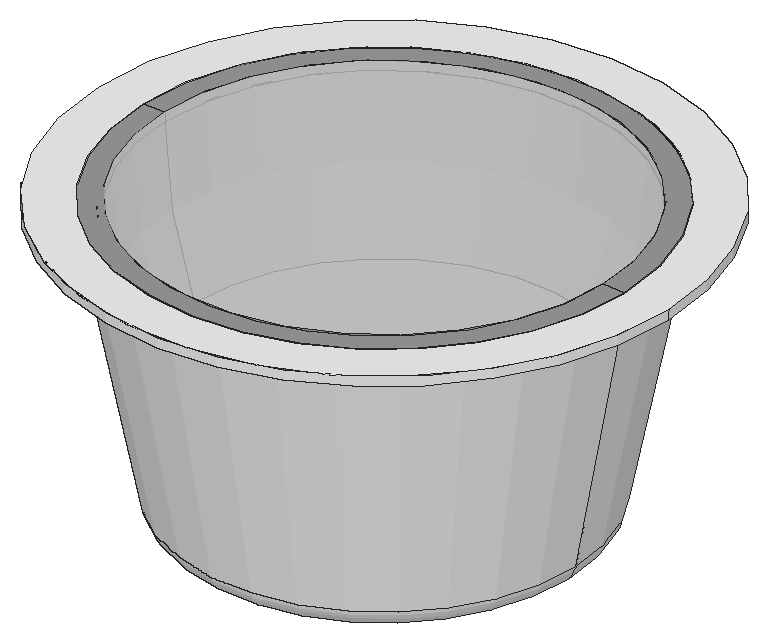
Revit family "2060571 Sylvania Lighting Fixture ASCENT 100 II ARCH 3600 3K STD EMG 160", category Lighting Fixtures, host Face, Revit 2016
Family settings
  Host = Face
  Part Type = Normal
  Round Connector Dimension = Use Diameter
  OmniClass Number = 23.80.70.11.17
  OmniClass Title = Specialized Lighting by Location or Use
  Cut with Voids When Loaded = No
  Light Source = Yes
  Shared = No
  Room Calculation Point = No
Parameters (values of type "2060571 ASCT100 II ARCH 3600 3K STD EMG 160 Emergency mode")
  WidthBezelAcc_SYL = 25.0 mm
  Weight = "1.92 kg"
  Wattage = 1.61261 W
  WarrantyStartDate [instance] = "n/a"
  WarrantyGuarantorParts = "n/a"
  WarrantyDurationUnit = "n/a"
  WarrantyDurationParts = "n/a"
  WarrantyDescription = "n/a"
  built-in parameter 1150110 = 1 (stored number, unit not read)
  Voltage = 0 V
  VisibilityAccessory_SYL = no
  TypeName = "ASCT100 II ARCH 3600 3K STD EMG 160 Emergency mode"
  built-in parameter 1114217 = 1 (stored number, unit not read)
  Tilt Angle = -90°
  built-in parameter 1150109 = 1 (stored number, unit not read)
  built-in parameter 1150134 = (empty or 0)
  built-in parameter 1150113 = 1 (stored number, unit not read)
  SerialNumber [instance] = "n/a"
  ReflectorRadius_SYL = Radius_SYL - 14.5 mm  # 80.0 mm
  RadiusAcc_SYL = 105.0 mm
  Radius_SYL = 94.5 mm
  URL = "http://www.sylvania-lighting.com"
  PowerFactor = 0
  PowerConsumption = "32 W"
  Photometric Web File = "2060571EM.ies"
  NominalWidth = 0.0 mm
  NominalLength = 0.0 mm
  NominalHeight = 94.0 mm
  Name = "ASCT100 II ARCH 3600 3K STD EMG 160 Emergency mode"
  ModelReference = "ASCT100 II ARCH 3600 3K STD EMG 160 Emergency mode"
  ModelNumber = "2060571"
  Material_4_SYL = none
  Material_3_SYL = Polycarbonate_Sylvania_Ascent_Opal
  Material_2_SYL = Aluminium_Sylvania_Ascent_Silver
  Material_1_SYL = Aluminum_Sylvania_Ascent_White
  Material = "aluminium housing, arcylic diffuser"
  ManufacturerName = "Feilo Sylvania"
  LuminousEfficacy = "111 lm/W"
  built-in parameter 1150105 = 14.244 (stored number, unit not read)
  Lumens = 179 lm
  LuminaireType = ""
  built-in parameter 1150115 = 1 (stored number, unit not read)
  LightOutputRatio = "100"
  built-in parameter 1150137 = (empty or 0)
  built-in parameter 1150139 = (empty or 0)
  LampsType = Lamp  # "LED"
  LampNominalLuminous = "3548 lm"
  LampMacAdamStep = "3"
  LampColourTemperature = "3000 K"
  LampColourRenderingIndex = "80"
  built-in parameter 1150112 = 1 (stored number, unit not read)
  built-in parameter 1150114 = 1 (stored number, unit not read)
  Keynote = "16500"
  InstallationDate [instance] = "n/a"
  InputVoltage = "n/a"
  InputNominalFrequency = "n/a"
  built-in parameter 1150132 = (empty or 0)
  built-in parameter 1150102 = (empty or 0)
  built-in parameter 1150107 = 3000 (stored number, unit not read)
  built-in parameter 1150138 = (empty or 0)
  IngressProtection = "IP40"
  ImpactProtectionIndex = "IK02"
  built-in parameter 1150106 = 0.14244 (stored number, unit not read)
  IfcExportType = "IfcLightFixtureType"
  IfcExportAs = "IfcLightFixtureType"
  Height_SYL = 94.0 mm
  HeightAcc_SYL = 7.0 mm
  ExpectedLife = 50000
  EmittionSurface_SYL = if(VisibilityAccessory_SYL, 7.0 mm, 3.0 mm)  # 3.0 mm
  Emit from Circle Diameter = DiffuserRadius_SYL * 2  # 146.0 mm
  Emit Shape Visible in Rendering = no
  ElectricShockClassification = "Class II"
  built-in parameter 1150104 = 10.312 (stored number, unit not read)
  DurationUnit = "hours"
  DocumentationLiterature = "http://www.sylvania-lighting.com/product/en-int/products/2060571"
  DimmingControlOptions = "n/a"
  Dimming Lamp Color Temperature Shift = <None>
  DiffuserRadius_SYL = ReflectorRadius_SYL - 7.0 mm  # 73.0 mm
  Diameter_SYL = 2 * Radius_SYL  # 189.0 mm
  CutoutDiameter_SYL = Diameter_SYL - 13.0 mm  # 176.0 mm
  CreatedOn = "9/17/2018"
  CreatedBy = "@sylvania-lighting.com"
  Color Filter = 16777215
  built-in parameter 1114216 [instance] = 1 (stored number, unit not read)
  Model = "ASCT100 II ARCH 3600 3K STD EMG 160 Emergency mode"
  Manufacturer = "Feilo Sylvania"
  Lamp = "LED"
  Description = "Direct LED retro fit for original LED 100 Arch (160) single CFL lamp offering Matching lumen levels and improved light distribution of original LED 100 CFL lamp equivalents Typically half the power consumption compared to CFL Up to 112lm/W 160mm aperture Architectural reflector accepts range of glass accessories from existing LED 100 Arch 160 offering HE, HO and VHO versions equivalent of single 1 x 18W, 1 x 32W, 1 x 42W\r\n Additional VVHO versions which offer the performance circa 2 x 32W equivalent"  # constant formula
  Default Elevation = 0.0 mm
  built-in parameter 1140040 [instance] = 1
  BarCode [instance] = "n/a"
  built-in parameter 1114218 = 1 (stored number, unit not read)
  built-in parameter 1150133 = 10 (stored number, unit not read)
  AssetType = "Fixed"
  AssetIdentifier [instance] = "n/a"
  Assembly Code = "D5020200"
  Apparent Load = 1.61261 VA
  Aperture_SYL = 2 * ReflectorRadius_SYL  # 160.0 mm
Types (2, lengths in mm): name | Wattage | TypeName | Photometric Web File | Name | ModelReference | built-in parameter 1150105 | Lumens | built-in parameter 1150106 | Model | Apparent Load
  2060571 ASCT100 II ARCH 3600 3K STD EMG 160 Emergency mode | 1.61261 W | "ASCT100 II ARCH 3600 3K STD EMG 160 Emergency mode" | "2060571EM.ies" | "ASCT100 II ARCH 3600 3K STD EMG 160 Emergency mode" | "ASCT100 II ARCH 3600 3K STD EMG 160 Emergency mode" | 14.244 (stored number, unit not read) | 179 lm | 0.14244 (stored number, unit not read) | "ASCT100 II ARCH 3600 3K STD EMG 160 Emergency mode" | 1.61261 VA
  2060571 ASCT100 II ARCH 3600 3K STD EMG 160 | 32 W | "ASCENT 100 II ARCH 3600 3K STD EMG 160" | "2060571.ies" | "ASCENT 100 II ARCH 3600 3K STD EMG 160" | "ASCENT 100 II ARCH 3600 3K STD EMG 160" | 282.66 (stored number, unit not read) | 3552 lm | 2.8266 (stored number, unit not read) | "ASCENT 100 II ARCH 3600 3K STD EMG 160" | 32 VA
Reference planes
  plane 1 "Center (Front/Back)": y = 0
  plane 2: z = 0
  plane 3 "Center (Left/Right)": x = 0
  plane 4 "Fixture Bottom": z = 3
  plane 5: z = -52.5
  plane 6 "Fixture Top": z = -91
  plane 7: x = -105
  plane 8: z = 7
  plane 9: x = -80
  plane 10: z = 5
  plane 11: x = -103
Forms (mm)
  Extrusion 1, solid, material "Aluminum_Sylvania_Ascent_White", detail levels fine
    sketch origin (0, 0, 0) x (1, 0, 0) y (0, 1, 0)
      loop
        circle (0, 0) r 94.5
      loop
        circle (0, 0) r 80
    from 0 to 3
  Extrusion 2, void
    sketch origin (0, 0, 0) x (1, 0, 0) y (0, 1, 0)
      loop
        circle (0, 0) r 88
    from -91 to 3
  Revolve 3, solid, material "Aluminum_Sylvania_Ascent_White" <- "Material_1_SYL", detail levels fine
    sketch origin (0, 0, 0) x (1, 0, 0) y (0, 0, 1)
      loop
        line (0, -91.073) -> (0, -89.023) -> (-55.468, -89.014)
        arc (-55.468, -89.014) -> (-59.352, -87.613) -> (-61.54, -84.139) r 6.307
        line (-61.54, -84.139) -> (-77.991, -2.844) -> (-77.991, 0) -> (-80, 0) -> (-80, -3) -> (-63.5, -84.536)
        arc (-63.5, -84.536) -> (-60.643, -89.203) -> (-55.5, -91.073) r 8.291
        line (-55.5, -91.073) -> (0, -91.073)
      axis (0, 0) -> (0, -91.073)
    angle from 0 to 360
  Revolve 4, solid, material "Aluminium_Sylvania_Ascent_Silver" <- "Material_2_SYL", detail levels fine
    sketch origin (0, 0, 0) x (1, 0, 0) y (0, 0, 1)
      loop
        line (-80, 3) -> (-80, 0) -> (-75, 0)
        arc (-75, 0) -> (-72.349, -26.77) -> (-64.5, -52.5) r 136.5
        line (-64.5, -52.5) -> (-58, -52.5)
        arc (-58, -52.5) -> (-56.857, -61.521) -> (-53.5, -69.971) r 36.166
        line (-53.5, -69.971) -> (0, -69.971) -> (0, -50.5) -> (-63.16, -50.5)
        arc (-63.16, -50.5) -> (-70.517, -25.725) -> (-73, 0) r 134.5
        line (-73, 0) -> (-73, 3) -> (-80, 3)
      axis (0, 3) -> (0, -69.971)
    angle from 0 to 360
  Extrusion 5, solid, material "Polycarbonate_Sylvania_Ascent_Opal" <- "Material_3_SYL", detail levels fine
    sketch origin (0, 0, 0) x (1, 0, 0) y (0, 1, 0)
      loop
        circle (0, 0) r 73
    from 0 to 3
  Revolve 6, solid, material "Aluminum_Sylvania_Ascent_White" <- "Material_1_SYL", detail levels coarse+medium
    sketch origin (0, 0, 0) x (1, 0, 0) y (0, 0, 1)
      loop
        line (0, -91.073) -> (0, 3) -> (-94.5, 3) -> (-94.5, 0) -> (-79.5, 0) -> (-79.5, -3) -> (-63, -84.536)
        arc (-63, -84.536) -> (-60.143, -89.203) -> (-55, -91.073) r 8.291
        line (-55, -91.073) -> (0, -91.073)
      axis (0, 3) -> (0, -91.073)
    angle from 0 to 360
  Revolve 7, solid, material "Aluminum_Sylvania_Ascent_White" <- "Material_1_SYL", visible <- "VisibilityAccessory_SYL"
    sketch origin (0, 0, 0) x (1, 0, 0) y (0, 0, 1)
      loop
        line (-105, 0) -> (-103, 0) -> (-103, 5) -> (-80, 5) -> (-80, 7) -> (-105, 7) -> (-105, 0)
      axis (0, 7) -> (0, 0)
    angle from 0 to 360
  Revolve 8, solid, material "Polycarbonate_Sylvania_Ascent_Opal" <- "Material_3_SYL", visible <- "VisibilityAccessory_SYL"
    sketch origin (0, 0, 0) x (1, 0, 0) y (0, 0, 1)
      loop
        line (-80, 7) -> (-80, 5) -> (0, 5) -> (0, 7) -> (-80, 7)
      axis (0, 7) -> (0, 5)
    angle from 0 to 360
Lines and regions (mm)
  reference lines
    curve 1: line (-150, 0, 3) -> (125, 0, 3)
Dimensions and locks
  locked: plane 4 "Fixture Bottom" to plane 2 at 3
  "Height_SYL": plane 4 "Fixture Bottom" to plane 6 "Fixture Top"
  "ReflectorRadius_SYL": plane 3 "Center (Left/Right)" to Revolve 4 sketch curve
  locked: Revolve 4 sketch curve to Revolve 4 sketch curve at 15.5
  locked: Revolve 4 sketch curve to Revolve 4 sketch curve at 5
  locked: Revolve 4 sketch curve to Revolve 4 sketch curve at 7
  locked: Revolve 4 sketch curve to Revolve 4 sketch curve at 22
  locked: Revolve 4 sketch curve to Revolve 4 sketch curve at 26.5
  locked: Revolve 3 sketch curve to Revolve 3 sketch curve at 16.5
  locked: Revolve 3 sketch curve to Revolve 3 sketch curve at 24.5
  "ReflectorRadius_SYL": Revolve 3 sketch curve to plane 3 "Center (Left/Right)"
  locked: Revolve 3 sketch curve to plane 6 "Fixture Top" at 6.464
  locked: plane 2 to Revolve 3 sketch curve at 3
  locked: Revolve 3 sketch curve to Revolve 3 sketch curve at 2
  locked: Revolve 3 sketch curve to Revolve 3 sketch curve at 2.009
  locked: plane 2 to plane 5 at 52.5
  locked: Revolve 6 sketch curve to Revolve 6 sketch curve at 31.5
  locked: Revolve 6 sketch curve to Revolve 6 sketch curve at 39.5
  locked: Revolve 6 sketch curve to Revolve 6 sketch curve at 15
  "Radius_SYL": plane 3 "Center (Left/Right)" to Revolve 6 sketch curve
  "RadiusAcc_SYL": plane 3 "Center (Left/Right)" to plane 7
  "HeightAcc_SYL": plane 8 to level
  "WidthBezelAcc_SYL": plane 7 to plane 9
  locked: plane 7 to plane 11 at 2
  locked: plane 8 to plane 10 at 2
  "EmittionSurface_SYL": curve 1 to level
  "CutoutDiameter_SYL": diameter of Extrusion 2 sketch curve
  "ReflectorRadius_SYL": radius of Extrusion 1 sketch curve
  "DiffuserRadius_SYL": radius of Extrusion 5 sketch curve
  "Radius_SYL": radius of Extrusion 1 sketch curve
  aligned and locked: host face to plane 2
  aligned and locked: host face to level
  aligned and locked: plane 4 "Fixture Bottom" to Extrusion 1
  aligned and locked: Extrusion 1 to plane 2
  aligned and locked: Revolve 3 sketch curve to plane 3 "Center (Left/Right)"
  aligned and locked: Revolve 4 sketch curve to plane 3 "Center (Left/Right)"  (x2)
  aligned and locked: plane 4 "Fixture Bottom" to Revolve 4 sketch curve
  aligned and locked: Extrusion 5 to plane 2
  aligned and locked: plane 2 to Revolve 3 sketch curve  (x2)
  aligned and locked: Revolve 6 sketch curve to plane 3 "Center (Left/Right)"
  aligned and locked: plane 6 "Fixture Top" to Extrusion 2
  aligned and locked: Revolve 7 sketch curve to plane 3 "Center (Left/Right)"
  aligned and locked: host face to Revolve 7 sketch curve  (x2)
  aligned and locked: Revolve 7 sketch curve to plane 7
  aligned and locked: plane 8 to Revolve 7 sketch curve
  aligned and locked: plane 9 to Revolve 7 sketch curve
  aligned and locked: Revolve 7 sketch curve to plane 10
  aligned and locked: plane 11 to Revolve 7 sketch curve
  aligned and locked: Revolve 7 to Revolve 8 sketch curve
  aligned and locked: Revolve 8 sketch curve to Revolve 7  (x2)
  aligned and locked: Revolve 8 sketch curve to plane 3 "Center (Left/Right)"  (x2)
  aligned and locked: plane 3 "Center (Left/Right)" to imposter light
  aligned and locked: imposter light to plane 1 "Center (Front/Back)"
  aligned and locked: imposter light to curve 1
Automatic sketch dimensions
  plane 1 "Center (Front/Back)" to Extrusion 2 sketch curve = 0.0 mm
  Extrusion 2 sketch curve to plane 3 "Center (Left/Right)" = 0.0 mm
  Extrusion 1 sketch curve to Extrusion 1 sketch curve = 0.0 mm  (x2)
  plane 1 "Center (Front/Back)" to Extrusion 1 sketch curve = 0.0 mm
  Extrusion 1 sketch curve to plane 3 "Center (Left/Right)" = 0.0 mm
  plane 6 "Fixture Top" to Revolve 3 sketch curve = 0.073 mm
  Revolve 3 sketch curve to plane 6 "Fixture Top" = 6.861 mm
  Revolve 3 sketch curve to Revolve 3 sketch curve = 0.003 mm
  Revolve 3 sketch curve to Revolve 3 sketch curve = 0.009 mm  (x2)
  Revolve 3 sketch curve to Revolve 3 sketch curve = 0.023 mm
  Revolve 3 sketch curve to Revolve 3 sketch curve = 0.072 mm
  Revolve 3 sketch curve to Revolve 3 sketch curve = 0.008 mm
  Revolve 3 sketch curve to plane 6 "Fixture Top" = 1.977 mm
  Revolve 3 sketch curve to Revolve 3 sketch curve = 33.496 mm
  Revolve 3 sketch curve to Revolve 3 sketch curve = 0.028 mm
  plane 4 "Fixture Bottom" to Revolve 3 sketch curve = 82.431 mm
  Revolve 4 sketch curve to Revolve 4 sketch curve = 0.0 mm  (x2)
  Revolve 4 sketch curve to plane 5 = 0.0 mm
  Revolve 4 sketch curve to level = 0.0 mm
  plane 5 to Revolve 4 sketch curve = 2.0 mm
  plane 4 "Fixture Bottom" to Revolve 4 sketch curve = 9.642 mm
  plane 1 "Center (Front/Back)" to Extrusion 5 sketch curve = 0.0 mm
  Extrusion 5 sketch curve to plane 3 "Center (Left/Right)" = 0.0 mm
  Revolve 4 sketch curve to level = 69.971 mm
  Revolve 4 sketch curve to Revolve 4 sketch curve = 2.387 mm
  Revolve 6 sketch curve to level = 0.0 mm
  Revolve 6 sketch curve to plane 3 "Center (Left/Right)" = 0.0 mm
  Revolve 6 sketch curve to Revolve 6 sketch curve = 8.104 mm
  Revolve 6 sketch curve to level = 3.0 mm
  Revolve 6 sketch curve to plane 6 "Fixture Top" = 6.464 mm
  plane 6 "Fixture Top" to Revolve 6 sketch curve = 0.073 mm
  Revolve 6 sketch curve to Revolve 6 sketch curve = 33.496 mm
  plane 4 "Fixture Bottom" to Revolve 6 sketch curve = 82.431 mm
  host sketch curve to host sketch curve = 1704.996 mm
  host sketch curve to host sketch curve = 1500.0 mm
  plane 6 "Fixture Top" to Revolve 7 sketch curve = 281.274 mm
  Revolve 7 sketch curve to plane 8 = 1140.706 mm
  plane 6 "Fixture Top" to Revolve 8 sketch curve = 281.274 mm
  Revolve 8 sketch curve to Revolve 8 sketch curve = 1140.706 mm
  Revolve 3 sketch curve to plane 3 "Center (Left/Right)" = 0.0 mm
  Revolve 6 sketch curve to plane 4 "Fixture Bottom" = 0.0 mm
  plane 7 to curve 1 = 45.0 mm
  plane 3 "Center (Left/Right)" to curve 1 = 125.0 mm
Connectors
  electrical at (0, 0, -91.073), driven by "Apparent Load"
    settings: on Revolve 3, index 1, voltage 240 V, apparent load 0 VA, apparent load phase1 1.61261 VA, apparent load phase2 0 VA, apparent load phase3 0 VA, power factor 1, load classification "Lighting", number of poles 1, system type 31, power factor state 1, is connector primary yes, connector utility no, sub classification motor no, connector description ""
